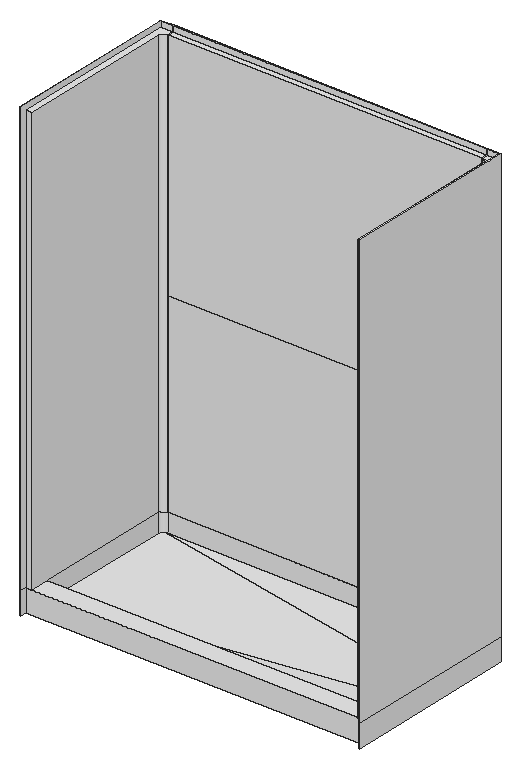
Revit family "5LRS6030FBSQ.V2 L-R", category Plumbing Fixtures, Revit 2019
Family settings
  Round Connector Dimension = Use Diameter
  Part Type = Normal
  OmniClass Number = 23.45.05.14.17
  OmniClass Title = Showers
  Work Plane-Based = No
  Always vertical = Yes
  Cut with Voids When Loaded = No
  Shared = No
  Room Calculation Point = No
Parameters (values of type "5LRS6030FBSQ.V2 L/R")
  Unit Width = 60"
  Unit Height = 80 1/2"
  Unit Depth = 31"
  URL = "http://www.bestbath.com/"
  Type Comments = "Remodeler"
  Model = "5LRS6030FBSQ.V2 L/R"
  Material [instance] = Best Bath Gelcoat Fiberglass - RealTile
  Manufacturer = "Best Bath Systems, Inc."
  Keynote = "22 40 00.B3"
  Description = "Real Tile Finish"
  Assembly Code = "D2010710"
Reference planes (in)
  plane 1: z = 0
  plane 2 "Left": x = 0
  plane 3: z = 79.5
  plane 4: z = 80.5
  plane 5: y = 6.36165
  plane 6: y = 36.36165
  plane 7: x = 60
  plane 8: y = 35.11165
  plane 9: y = 22.36165
  plane 10: x = 51.5
  plane 11: z = 0.375
  plane 12: z = 0.75
  plane 13: z = 38.25
  plane 14: z = 4
  plane 15: y = 5.36165
Forms (in)
  Extrusion 1, solid, material "Best Bath Gelcoat Fiberglass - Smooth"
    sketch origin (0, 0, 0) x (1, 0, 0) y (0, 1, 0)
      loop
        line (0, 6.36165) -> (60, 6.36165) -> (60, 36.36165) -> (0, 36.36165) -> (0, 6.36165)
      loop
        line (49, 26.36165) -> (49, 18.36165) -> (53.97344, 18.36165) -> (53.97344, 26.36165) -> (49, 26.36165)
    from 0 to 0.75
  Extrusion 2, solid, material "Best Bath Gelcoat Fiberglass - Smooth"
    sketch origin (0, 0, 0) x (1, 0, 0) y (0, 1, 0)
      loop
        line (2.25, 36.36165) -> (2.25, 35.11165) -> (57.75, 35.11165) -> (57.75, 36.36165) -> (2.25, 36.36165)
    from 4 to 38.25
  Blend 3, void
    base sketch origin (0, 0, 0) x (1, 0, 0) y (0, 1, 0)
      loop
        line (1.25, 10.38049) -> (58.75, 10.38049) -> (58.75, 35.11165) -> (1.25, 35.11165) -> (1.25, 10.38049)
    top sketch origin (0, 0, 0) x (1, 0, 0) y (0, 1, 0)
      loop
        line (49, 26.36165) -> (49, 18.36165) -> (53.97344, 18.36165) -> (53.97344, 26.36165) -> (49, 26.36165)
    from 0.75 to 0.375
  Extrusion 4, solid, material "Best Bath Gelcoat Fiberglass - Smooth"
    sketch origin (0, 0, 0) x (1, 0, 0) y (0, 1, 0)
      loop
        line (2.25, 36.36165) -> (2.25, 35.11165) -> (57.75, 35.11165) -> (57.75, 36.36165) -> (2.25, 36.36165)
    from 38.25 to 79.5
  Extrusion 5, solid, material "Best Bath Gelcoat Fiberglass - Smooth"
    sketch origin (0.25, 0, 0) x (1, 0, 0) y (0, 1, 0)
      loop
        line (-0.25, 6.36165) -> (1, 6.36165) -> (1, 34.11165)
        arc (1, 34.11165) -> (1.29289, 34.81875) -> (2, 35.11165) r 1
        line (2, 35.11165) -> (2, 36.36165) -> (-0.25, 36.36165) -> (-0.25, 6.36165)
      loop
        line (59.75, 6.36165) -> (59.75, 36.36165) -> (57.5, 36.36165) -> (57.5, 35.11165)
        arc (57.5, 35.11165) -> (58.20711, 34.81875) -> (58.5, 34.11165) r 1
        line (58.5, 34.11165) -> (58.5, 6.36165) -> (59.75, 6.36165)
    from 4 to 79.5
  Extrusion 6, solid, material "Best Bath Gelcoat Fiberglass - Smooth"
    sketch origin (0, 0, 0) x (1, 0, 0) y (0, 1, 0)
      loop
        line (0, 36.36165) -> (0, 6.36165) -> (1.25, 6.36165) -> (1.25, 34.11165)
        arc (1.25, 34.11165) -> (1.54289, 34.81875) -> (2.25, 35.11165) r 1
        line (2.25, 35.11165) -> (57.75, 35.11165)
        arc (57.75, 35.11165) -> (58.45711, 34.81875) -> (58.75, 34.11165) r 1
        line (58.75, 34.11165) -> (58.75, 6.36165) -> (60, 6.36165) -> (60, 35.11165) -> (60, 36.36165) -> (0, 36.36165)
    from 0 to 4
  Sweep 7, solid, material "Best Bath Gelcoat Fiberglass - Smooth"
    path origin (0, 0, 0) x (1, 0, 0) y (0, 1, 0)
      loop
        line (1.25, 6.36165) -> (58.75, 6.36165)
    profile origin (30, 6.36165, 0) x (0, 1, 0) y (0, 0, 1)
      loop
        line (0, 0) -> (4.15, 0) -> (3.35, 4) -> (0, 4) -> (0, 0)
  Extrusion 8, solid, material "Best Bath Gelcoat Fiberglass - Smooth"
    sketch origin (0, 0, 0) x (1, 0, 0) y (0, 1, 0)
      loop
        line (0, 6.36165) -> (0, 5.36165) -> (0.125, 5.36165) -> (0.125, 6.36165) -> (0, 6.36165)
      loop
        line (60, 6.36165) -> (59.875, 6.36165) -> (59.875, 5.36165) -> (60, 5.36165) -> (60, 6.36165)
    from 0 to 4
  Extrusion 9, solid, material "Best Bath Gelcoat Fiberglass - Smooth"
    sketch origin (0, 0, 0) x (1, 0, 0) y (0, 1, 0)
      loop
        line (2.25, 36.36165) -> (2.25, 36.23665) -> (57.75, 36.23665) -> (57.75, 36.36165) -> (2.25, 36.36165)
    from 79.5 to 80.5
  Extrusion 10, solid, material "Best Bath Gelcoat Fiberglass - Smooth"
    sketch origin (0, 0, 0) x (1, 0, 0) y (0, 1, 0)
      loop
        line (0, 5.36165) -> (0.125, 5.36165) -> (0.125, 36.23665) -> (2.25, 36.23665) -> (2.25, 36.36165) -> (0, 36.36165) -> (0, 5.36165)
      loop
        line (60, 5.36165) -> (60, 36.36165) -> (57.75, 36.36165) -> (57.75, 36.23665) -> (59.875, 36.23665) -> (59.875, 5.36165) -> (60, 5.36165)
    from 4 to 80.5
  Extrusion 11, solid, material "Best Bath Gelcoat Fiberglass - Smooth"
    sketch origin (0, 0, 0) x (1, 0, 0) y (0, 1, 0)
      loop
        line (49, 26.36165) -> (49, 18.36165) -> (53.97344, 18.36165) -> (53.97344, 26.36165) -> (49, 26.36165)
    from 0 to 0.25
  Extrusion 12, void
    sketch origin (0, 0, 0) x (1, 0, 0) y (0, 1, 0)
      loop
        circle (51.5, 22.36165) r 1.5
    from 0 to 0.5
Cuts and joins
  Blend 3 cuts Extrusion 1
  Extrusion 12 cuts Extrusion 11
  joined: Extrusion 1, Extrusion 6, Sweep 7, Extrusion 8, Extrusion 11
  joined: Extrusion 4, Extrusion 9
  joined: Extrusion 5, Extrusion 10
Dimensions and locks (in)
  locked: plane 4 to plane 3 at 1
  "Unit Height": plane 4 to level
  plane 2 "Left" to plane 10 to plane 7 = 51 1/2", 8 1/2" locked
  "Unit Width": plane 2 "Left" to plane 7
  plane 6 to plane 8 = 1 1/4"
  locked: plane 6 to plane 9 at 14
  locked: plane 12 to level at 0.75
  locked: plane 12 to plane 11 at 0.375
  locked: plane 13 to plane 14 at 34.25
  locked: plane 14 to level at 4
  locked: plane 5 to plane 15 at 1
  "Unit Depth": plane 6 to plane 15
  aligned and locked: level to plane 1
  aligned and locked: Extrusion 1 sketch curve to plane 5
  aligned and locked: Extrusion 1 sketch curve to plane 2 "Left"
  aligned and locked: plane 6 to Extrusion 1 sketch curve
  aligned and locked: Extrusion 1 sketch curve to plane 7
  aligned and locked: plane 12 to Extrusion 1
  aligned and locked: Extrusion 1 to Blend 3  (x2)
  aligned and locked: Blend 3 to plane 11
  aligned and locked: plane 13 to Extrusion 2
  aligned and locked: Extrusion 4 to Extrusion 2
  aligned and locked: plane 3 to Extrusion 4
  aligned and locked: plane 3 to Extrusion 5
  aligned and locked: plane 14 to Extrusion 6
  aligned and locked: Extrusion 5 to plane 14
  aligned and locked: Extrusion 2 to plane 14
  aligned and locked: Extrusion 8 to Extrusion 2
  aligned and locked: Extrusion 9 to plane 3
  aligned and locked: plane 4 to Extrusion 9
  aligned and locked: Extrusion 10 to Extrusion 2
  aligned and locked: plane 4 to Extrusion 10
Automatic sketch dimensions
  Extrusion 2 sketch curve to plane 8 = 0"
  Extrusion 2 sketch curve to plane 6 = 0"
  plane 2 "Left" to Extrusion 2 sketch curve = 2 1/4"
  plane 7 to Extrusion 2 sketch curve = 2 1/4"
  Blend 3 sketch curve to plane 8 = 0"
  plane 2 "Left" to Blend 3 sketch curve = 1 1/4"
  plane 7 to Blend 3 sketch curve = 1 1/4"
  plane 5 to Blend 3 sketch curve = 4.01884"
  Extrusion 4 sketch curve to plane 8 = 0"
  Extrusion 4 sketch curve to plane 6 = 0"
  plane 2 "Left" to Extrusion 4 sketch curve = 2 1/4"
  plane 7 to Extrusion 4 sketch curve = 2 1/4"
  Extrusion 5 sketch curve to plane 2 "Left" = 0"
  Extrusion 5 sketch curve to plane 5 = 0"  (x2)
  Extrusion 5 sketch curve to plane 8 = 0"  (x2)
  Extrusion 5 sketch curve to plane 6 = 0"  (x2)
  Extrusion 5 sketch curve to plane 7 = 0"
  Extrusion 5 sketch curve to Extrusion 5 sketch curve = 1 1/4"
  Extrusion 5 sketch curve to Extrusion 5 sketch curve = 1"
  plane 7 to Extrusion 5 sketch curve = 2 1/4"
  Extrusion 5 sketch curve to plane 8 = 1"
  Extrusion 6 sketch curve to plane 2 "Left" = 0"
  Extrusion 6 sketch curve to plane 5 = 0"  (x2)
  Extrusion 6 sketch curve to plane 8 = 0"  (x2)
  Extrusion 6 sketch curve to plane 7 = 0"
  Extrusion 6 sketch curve to plane 6 = 0"
  Extrusion 6 sketch curve to Extrusion 6 sketch curve = 1 1/4"
  Extrusion 6 sketch curve to Extrusion 6 sketch curve = 1"
  Extrusion 6 sketch curve to plane 8 = 1"
  plane 7 to Extrusion 6 sketch curve = 2 1/4"
  Sweep 7 sketch curve to plane 5 = 0"
  plane 2 "Left" to Sweep 7 sketch curve = 1 1/4"
  plane 7 to Sweep 7 sketch curve = 1 1/4"
  Sweep 7 sketch curve to profile plane = 0"
  Sweep 7 sketch curve to level = 0"
  Sweep 7 sketch curve to profile plane = 3.35"
  Sweep 7 sketch curve to Sweep 7 sketch curve = 0.8"
  level to Sweep 7 sketch curve = 4"
  Extrusion 8 sketch curve to plane 2 "Left" = 0"
  Extrusion 8 sketch curve to plane 15 = 0"  (x2)
  Extrusion 8 sketch curve to plane 5 = 0"  (x2)
  Extrusion 8 sketch curve to plane 7 = 0"
  plane 2 "Left" to Extrusion 8 sketch curve = 1/8"
  Extrusion 8 sketch curve to Extrusion 8 sketch curve = 1/8"
  Extrusion 9 sketch curve to plane 6 = 0"
  Extrusion 9 sketch curve to plane 6 = 1/8"
  plane 2 "Left" to Extrusion 9 sketch curve = 2 1/4"
  plane 7 to Extrusion 9 sketch curve = 2 1/4"
  Extrusion 10 sketch curve to plane 2 "Left" = 0"
  Extrusion 10 sketch curve to plane 15 = 0"  (x2)
  Extrusion 10 sketch curve to plane 6 = 0"  (x2)
  Extrusion 10 sketch curve to plane 7 = 0"
  plane 2 "Left" to Extrusion 10 sketch curve = 1/8"
  Extrusion 10 sketch curve to plane 6 = 1/8"  (x2)
  Extrusion 10 sketch curve to Extrusion 10 sketch curve = 2 1/8"
  Extrusion 10 sketch curve to Extrusion 10 sketch curve = 2 1/4"
  Extrusion 10 sketch curve to Extrusion 10 sketch curve = 1/8"
  Extrusion 1 sketch curve to plane 10 = 2 1/2"
  plane 10 to Extrusion 1 sketch curve = 2.47344"
  Extrusion 1 sketch curve to plane 9 = 4"
  plane 9 to Extrusion 1 sketch curve = 4"
  Blend 3 sketch curve to plane 10 = 2 1/2"
  plane 10 to Blend 3 sketch curve = 2.47344"
  Blend 3 sketch curve to plane 9 = 4"
  plane 9 to Blend 3 sketch curve = 4"
  Extrusion 11 sketch curve to plane 10 = 2 1/2"
  plane 10 to Extrusion 11 sketch curve = 2.47344"
  Extrusion 11 sketch curve to plane 9 = 4"
  plane 9 to Extrusion 11 sketch curve = 4"
  Extrusion 12 sketch curve to plane 9 = 0"
  Extrusion 12 sketch curve to plane 10 = 0"
  radius of Extrusion 12 sketch curve = 1 1/2"
